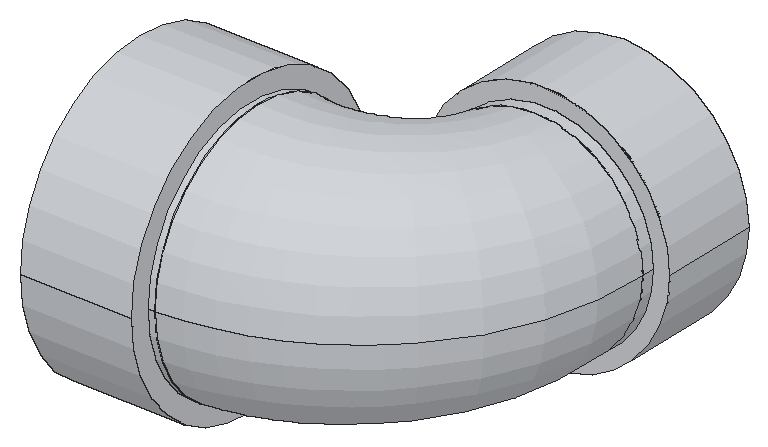
Revit family "M_Redução de cotovelo- Rosqueado - MI - Classe 300", category Conexões de tubo, Revit 2019
Family settings
  Cota do conector redondo = Usar raio
  Tipo de parte = Cotovelo
  Número OmniClass = 23.60.30.11.14
  Título OmniClass = Pipework Fittings
  ID de item do Seek = Elbow Reducing - Threaded - MI - Class 300-0000-CAN-ENU
  Com base no plano de trabalho = Não
  Sempre na vertical = Sim
  Corte com vazios quando carregada = Não
  Compartilhado = Não
Parameters (values of type "Padrão")
  Método de perda = Coeficiente K da tabela
  Nome da tabela de pesquisa = "M_Elbow Reducing - Threaded - MI - Class 300"
  Comprimento 4 [instance] = if(Comprimento 1 = Comprimento máximo 1, if(C2 Comprimento 1 = Comprimento máximo 1, 0.794 mm, if(C2 Comprimento 1 - Comprimento máximo 1 < 0.794 mm, 0.794 mm, C2 Comprimento 1 - Comprimento máximo 1)), 0.794 mm)  # 1.5 mm
  Comprimento 1 [instance] = if(Comprimento máximo 1 > Raio de isolamento máximo 12 * tan(Ângulo / 2), Comprimento máximo 1, Raio de isolamento máximo 12 * tan(Ângulo / 2) + 0.794 mm)  # 17.5 mm
  Comprimento máximo 1 [instance] = if(C1 Comprimento 1 > C2 Comprimento 1, C2 Comprimento 1, C1 Comprimento 1)  # 17.5 mm
  Comprimento 3 [instance] = Comprimento 1 + Comprimento 1 * cos(Ângulo)  # 17.5 mm
  Comprimento 7 [instance] = (Comprimento 4 + Largura da fita 2) * cos(Ângulo) + Comprimento 1 + Comprimento 1 * cos(Ângulo)  # 17.5 mm
  Comprimento 6 [instance] = (Comprimento 4 + Largura da fita 2) * sin(Ângulo)  # 12.7 mm
  Comprimento 5 [instance] = if(Comprimento 1 = Comprimento máximo 1, if(C1 Comprimento 1 = Comprimento máximo 1, 0.794 mm, if(C1 Comprimento 1 - Comprimento máximo 1 < 0.794 mm, 0.794 mm, C1 Comprimento 1 - Comprimento 1)), 0.794 mm)  # 0.794 mm
  Tabela de coeficiente K = "Cotovelo rosqueado comum de 45, 90 e 180"
  C1 Comprimento 1 [instance] = Centro ao final 1 - Largura da fita 1  # 17.5 mm
  C2 Comprimento 1 [instance] = Centro ao final 2 - Largura da fita 2  # 19 mm
  Comprimento 2 [instance] = Comprimento 1 * sin(Ângulo)  # 17.5 mm
  Tamanho da marca de cota 2 [instance] = Diâmetro externo da conexão 2 * 0.4  # 9.88 mm
  Tamanho da marca de cota 1 [instance] = Diâmetro externo da conexão 1 * 0.4  # 11.8 mm
  Raio nominal 2 [instance] = 5 mm
  Raio nominal 1 [instance] = 7.5 mm
  Diâmetro nominal 2 [instance] = Raio nominal 2 * 2  # 10 mm
  Diâmetro nominal 1 [instance] = Raio nominal 1 * 2  # 15 mm
  Espessura do Metal 2 [instance] = size_lookup(Nome da tabela de pesquisa, "MThk", 0.07 * Diâmetro nominal 2 + 3.076 mm, Diâmetro nominal 2)  # 3.8 mm
  Espessura do Metal 1 [instance] = size_lookup(Nome da tabela de pesquisa, "MThk", 0.07 * Diâmetro nominal 1 + 3.076 mm, Diâmetro nominal 1)  # 4.1 mm
  Raio de isolamento máximo 12 [instance] = if(Raio externo da conexão 1 > Raio externo da conexão 2, Raio externo da conexão 1, Raio externo da conexão 2)  # 14.75 mm
  Raio externo da conexão 2 [instance] = Diâmetro externo da conexão 2 / 2  # 12.35 mm
  Raio externo da conexão 1 [instance] = Diâmetro externo da conexão 1 / 2  # 14.75 mm
  Diâmetro externo da conexão 1 [instance] = Diâmetro interno da conexão 1 + Espessura do Metal 1 * 2  # 29.5 mm
  Diâmetro externo da conexão 2 [instance] = Diâmetro interno da conexão 2 + Espessura do Metal 2 * 2  # 24.7 mm
  Diâmetro interno da conexão 2 [instance] = size_lookup(Nome da tabela de pesquisa, "FID", 1.04 * Diâmetro nominal 2 + 6.648 mm, Diâmetro nominal 2)  # 17.1 mm
  Diâmetro interno da conexão 1 [instance] = size_lookup(Nome da tabela de pesquisa, "FID", 1.04 * Diâmetro nominal 1 + 6.648 mm, Diâmetro nominal 1)  # 21.3 mm
  Centro ao final 2 [instance] = size_lookup(Nome da tabela de pesquisa, "CtE2", 0.59 * Diâmetro nominal 1 + 0.23 * Diâmetro nominal 2 + 15.577 mm, Diâmetro nominal 1, Diâmetro nominal 2)  # 30.2 mm
  Centro ao final 1 [instance] = size_lookup(Nome da tabela de pesquisa, "CtE1", 0.8 * Diâmetro nominal 1 + 0.01 * Diâmetro nominal 2 + 19.149 mm, Diâmetro nominal 1, Diâmetro nominal 2)  # 30.2 mm
  Raio do centro [instance] = Comprimento 1 / tan(Ângulo / 2)  # 17.5 mm
  Largura da fita 2 [instance] = size_lookup(Nome da tabela de pesquisa, "BWid", 0.22 * Diâmetro nominal 2 + 9.624 mm, Diâmetro nominal 2)  # 11.2 mm
  Largura da fita 1 [instance] = size_lookup(Nome da tabela de pesquisa, "BWid", 0.22 * Diâmetro nominal 1 + 9.624 mm, Diâmetro nominal 1)  # 12.7 mm
  Raio externo da fita 2 [instance] = Diâmetro externo da fita 2 / 2  # 14.25 mm
  Raio externo da fita 1 [instance] = Diâmetro externo da fita 1 / 2  # 17 mm
  Diâmetro externo da fita 1 [instance] = size_lookup(Nome da tabela de pesquisa, "BOD", 1.29 * Diâmetro nominal 1 + 15.974 mm, Diâmetro nominal 1)  # 34 mm
  Diâmetro externo da fita 2 [instance] = size_lookup(Nome da tabela de pesquisa, "BOD", 1.29 * Diâmetro nominal 2 + 15.974 mm, Diâmetro nominal 2)  # 28.5 mm
  Raio externo do isolamento por fita 2 [instance] = (Diâmetro externo da fita 2) / 2  # 14.25 mm
  Raio externo do isolamento por fita 1 [instance] = (Diâmetro externo da fita 1) / 2  # 17 mm
  Assembly Code = ""
  Ângulo 1 [instance] = 180.00° - Ângulo  # 90.00°
  Ângulo [instance] = 90.00°
Reference planes
  plane 1 "Centro (Frente/Trás)": y = 0
  plane 2: z = 0
  plane 3 "Centro (Esquerda/Direita)": x = 0
  plane 4: x = -17.5
  plane 5: x = 0
  plane 6: y = 17.5
  plane 7: y = 17.5
  plane 8: y = 30.2
  plane 9: x = 0
  plane 10: x = -18.294
  plane 11: x = -30.994
Forms (mm)
  Sweep 1, solid, detail levels fine
    path in 3D
      loop
        line (-17.5, 0, 0) -> (-18.294, 0, 0)
    profile origin (-17.897, 0, 0) x (0, -1, 0) y (0, 0, 1)
      loop
        circle (0, 0) r 14.75
  Sweep 2, solid, detail levels fine
    path in 3D
      loop
        line (0, 17.5, 0) -> (0, 19, 0)
    profile origin (0, 18.25, 0) x (-1, 0, 0) y (0, 0, 1)
      loop
        circle (0, 0) r 12.35
  Sweep 3, solid, detail levels fine
    path in 3D
      loop
        line (0, 19, 0) -> (0, 30.2, 0)
    profile origin (0, 24.6, 0) x (-1, 0, 0) y (0, 0, 1)
      loop
        circle (0, 0) r 14.25
  Sweep 4, solid, detail levels fine
    path in 3D
      loop
        line (-18.294, 0, 0) -> (-30.994, 0, 0)
    profile origin (-24.644, 0, 0) x (0, -1, 0) y (0, 0, 1)
      loop
        circle (0, 0) r 17
  SweptBlend 5, solid, detail levels fine
    path in 3D
      loop
        arc (-17.5, 0, 0) -> (-5.126, 5.126, 0) -> (0, 17.5, 0) r 17.5
    profile origin (-17.5, 0, 0) x (0, 1, 0) y (0, 0, 1)
      loop
        circle (0, 0) r 14.75
    end profile origin (0, 17.5, 0) x (-1, 0, 0) y (0, 0, 1)
      loop
        circle (0, 0) r 12.35
Cuts and joins
  joined: Sweep 1, Sweep 4
  joined: Sweep 2, Sweep 3
Lines and regions (mm)
  model lines, detail levels coarse+medium
    curve 1: line (-17.5, 0, 0) -> (-18.294, 0, 0)
    curve 2: line (-18.294, 0, 0) -> (-30.994, 0, 0)
    curve 5: line (0, 17.5, 0) -> (0, 19, 0)
    curve 6: line (0, 19, 0) -> (0, 30.2, 0)
    curve 10: line (-30.994, 0, 0) -> (-30.994, 11.8, 0)
    curve 11: line (-30.994, 0, 0) -> (-30.994, -11.8, 0)
    curve 12: arc (-17.5, 0, 0) -> (-5.126, 5.126, 0) -> (0, 17.5, 0) r 17.5
    curve 14: line (0, 30.2, 0) -> (9.88, 30.2, 0)
    curve 15: line (0, 30.2, 0) -> (-9.88, 30.2, 0)
  sketch lines
    curve 3: line (-17.5, 0, 0) -> (-18.294, 0, 0)
    curve 7: line (0, 17.5, 0) -> (0, 19, 0)
    curve 8: line (0, 19, 0) -> (0, 30.2, 0)
    curve 9: line (-18.294, 0, 0) -> (-30.994, 0, 0)
    curve 13: arc (-17.5, 0, 0) -> (-5.126, 5.126, 0) -> (0, 17.5, 0) r 17.5
  reference lines
    curve 4: line (0, 30.2, 0) -> (0, 19, 0)
    curve 16: line (0, 0, 0) -> (0, 9.133, 0)
Dimensions and locks
  "Comprimento 1": plane 4 to plane 3 "Centro (Esquerda/Direita)"
  "Comprimento 3": plane 4 to plane 5
  "Comprimento 2": plane 6 to plane 1 "Centro (Frente/Trás)"
  "Raio do centro": plane 7 to plane 1 "Centro (Frente/Trás)"
  "Comprimento 5": curve 1 to curve 1
  "Comprimento 6": plane 8 to plane 6
  "Comprimento 4": curve 5 to curve 5
  "Largura da fita 2": curve 6 to curve 6
  "Comprimento 5": plane 10 to plane 4
  "Largura da fita 1": plane 11 to plane 10
  "Largura da fita 1": curve 2 to curve 2
  "Tamanho da marca de cota 1": curve 10 to curve 10
  "Tamanho da marca de cota 1": curve 11 to curve 11
  "Comprimento 7": plane 4 to plane 9
  "Tamanho da marca de cota 2": curve 14 to curve 14
  "Tamanho da marca de cota 2": curve 15 to curve 15
  "Raio externo da conexão 1": radius of Sweep 1 sketch curve
  "Raio externo da conexão 2": radius of Sweep 2 sketch curve
  "Raio externo da fita 2": radius of Sweep 3 sketch curve
  "Raio externo da fita 1": radius of Sweep 4 sketch curve
  "Raio externo da conexão 1": radius of SweptBlend 5 sketch curve
  "Raio externo da conexão 2": radius of SweptBlend 5 sketch curve
  "Ângulo": angle plane 8 to curve 4
  "Ângulo": angle plane 6 to curve 5
  "Ângulo 1": angle curve 5 to curve 1
  "Ângulo": angle plane 6 to curve 6
  angle curve 10 to curve 2 = 90.00°
  angle curve 11 to curve 2 = 90.00°
  "Ângulo": angle curve 12 to curve 12
  angle curve 5 to curve 14 = 90.00°
  locked: curve 15 to curve 5 (angle 90.00°)
  "Ângulo": angle plane 1 "Centro (Frente/Trás)" to curve 16
  aligned and locked: curve 1 to plane 1 "Centro (Frente/Trás)"
  aligned and locked: level to Sweep 1 sketch curve
  aligned and locked: plane 1 "Centro (Frente/Trás)" to Sweep 1 sketch curve
  aligned and locked: plane 8 to curve 4
  aligned and locked: plane 9 to curve 4
  aligned and locked: plane 5 to curve 5
  aligned and locked: plane 7 to curve 12
  aligned and locked: plane 8 to curve 15
  aligned and locked: plane 1 "Centro (Frente/Trás)" to curve 16
  aligned and locked: plane 3 "Centro (Esquerda/Direita)" to curve 16
Automatic sketch dimensions
  Sweep 2 sketch curve to profile plane = 0 mm  (x2)
  Sweep 3 sketch curve to profile plane = 0 mm  (x2)
  Sweep 4 sketch curve to profile plane = 0 mm  (x2)
  SweptBlend 5 sketch curve to profile plane = 0 mm  (x4)
  curve 11 to plane 11 = 0 mm
Connectors
  piping at (-30.994, 0, 0), diameter 15, driven by "Ângulo", driven by "Raio nominal 1"
    settings: on cut or joined group of Sweep 1, Sweep 4, index 1, connector inside diameter 15 mm, connector length 0 mm, flow factor 0, pipe flow 0.0 L/s, pressure drop 0.0 Pa, fitting loss kfactor 0, connector angle 90.00°, fixture units 0, engagement length 0 mm, angle of deflection 0.00°, flow configuration 0, flow direction 0, fitting loss method 0, system type 28, joint type 0, gender type 0, connector reference index 2, connector utility 0, adjustable connector no, is connector primary yes, connector description ""
  piping at (0, 30.2, 0), diameter 10, driven by "Ângulo", driven by "Raio nominal 2"
    settings: on cut or joined group of Sweep 2, Sweep 3, index 2, connector inside diameter 10 mm, connector length 0 mm, flow factor 0, pipe flow 0.0 L/s, pressure drop 0.0 Pa, fitting loss kfactor 0, connector angle 90.00°, fixture units 0, engagement length 0 mm, angle of deflection 0.00°, flow configuration 0, flow direction 0, fitting loss method 0, system type 28, joint type 0, gender type 0, connector reference index 1, connector utility 0, adjustable connector no, is connector primary no, connector description ""
